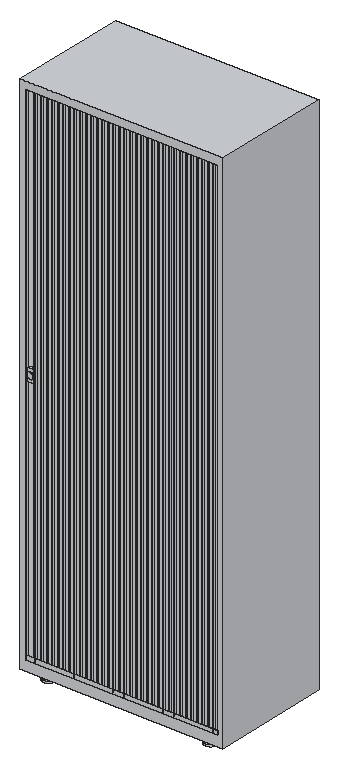
Revit family
Parameters (values of type "08T64")
  Width = 800 mm
  Manufacturer = ""
  Height = 2111 mm
  Colour [instance] = ""
  Carbon Footprint = 0
  BLF Tambour Section = Height - 95 mm  # 2016 mm
Types (13, lengths in mm): name | Height | BLF Tambour Section
  (no name) | 2111 | 2016
  08T20 | 705 | 610
  08T24 | 857 | 762
  08T30 | 1010 | 915
  08T32 | 1085 | 990
  08T34 | 1160 | 1065
  08T36 | 1237 | 1142
  08T40 | 1315 | 1220
  08T43 | 1430 | 1335
  08T50 | 1655 | 1560
  08T54 | 1807 | 1712
  08T60 | 1960 | 1865
  08T64 | 2111 | 2016
Reference planes
  plane 1 "Center (Front/Back)": y = 0
  plane 2: z = 0
  plane 3: y = 235
  plane 4: y = -235
  plane 5: x = -400
  plane 6: x = 400
  plane 7: z = 2111
  plane 8: z = 4
  plane 9: z = 25
  plane 10: z = 65
  plane 11: z = 2081
  plane 12: x = -380
  plane 13: x = 380
  plane 14: x = -320
  plane 15: x = 320
  plane 16: y = -195
  plane 17: y = 195
  plane 18: y = 233
  plane 19: y = -215
  plane 20: z = 80
  plane 21: y = -233
  plane 22: z = 1073
  plane 23: y = -230.916
  plane 24: x = -379
  plane 25: y = -231.961
  plane 26: x = -344
  plane 27: x = 382
Forms (mm)
  Extrusion 1, solid
    sketch origin (0, 0, 0) x (1, 0, 0) y (0, 0, 1)
      loop
        line (-400, 2111) -> (-400, 25) -> (400, 25) -> (400, 2111) -> (-400, 2111)
      loop
        line (-380, 2081) -> (-380, 65) -> (380, 65) -> (380, 2081) -> (-380, 2081)
    from -235 to 235
  Extrusion 2, solid
    sketch origin (0, 0, 0) x (1, 0, 0) y (0, 0, 1)
      loop
        line (-380, 2081) -> (-380, 65) -> (380, 65) -> (380, 2081) -> (-380, 2081)
    from -235 to -233
  Extrusion 3, solid
    sketch origin (0, 0, 0) x (1, 0, 0) y (0, 1, 0)
      loop
        circle (-320, 195) r 25
      loop
        circle (320, 195) r 25
      loop
        circle (320, -195) r 25
      loop
        circle (-320, -195) r 25
    from 0 to 4
  Extrusion 4, solid
    sketch origin (0, 0, 0) x (1, 0, 0) y (0, 1, 0)
      loop
        circle (-320, 195) r 5
      loop
        circle (320, 195) r 5
      loop
        circle (320, -195) r 5
      loop
        circle (-320, -195) r 5
    from 4 to 25
  Extrusion 5, solid
    sketch origin (0, 0, 0) x (1, 0, 0) y (0, 0, 1)
      loop
        line (-380, 65) -> (380, 65) -> (380, 80) -> (-380, 80) -> (-380, 65)
    from 233 to 235
  Extrusion 6, solid
    sketch origin (0, 0, 0) x (1, 0, 0) y (0, 1, 0)
      loop
        line (-379, -233) -> (-376.368, -233) -> (-376.368, -225)
        spline (-376.368, -225) -> (-375.884, -223.016) -> (-374.466, -221.167) -> (-372.21, -219.579) -> (-369.27, -218.36) -> (-365.846, -217.594) -> (-362.172, -217.333) -> (-358.498, -217.594) -> (-355.074, -218.36) -> (-352.134, -219.579) -> (-349.878, -221.167) -> (-348.46, -223.016) -> (-347.976, -225)
        line (-347.976, -225) -> (-347.976, -233) -> (-344, -233) -> (-344, -215) -> (-379, -215) -> (-379, -233)
    from 65 to 2081
  Extrusion 7, solid
    sketch origin (0, 0, 0) x (1, 0, 0) y (0, 0, 1)
      loop
        line (-376.368, 1048.08) -> (-347.976, 1048.08) -> (-347.976, 1073) -> (-376.368, 1073) -> (-376.368, 1048.08)
    from 215 to 230.916
  Extrusion 8, solid
    sketch origin (0, 0, 0) x (1, 0, 0) y (0, 0, 1)
      loop
        circle (-362.172, 1073) r 12
    from 230.916 to 231.961
  Extrusion 9, solid
    sketch origin (0, 0, 24.92) x (1, 0, 0) y (0, 0, 1)
      loop
        line (-376.368, 1048.08) -> (-347.976, 1048.08) -> (-347.976, 1073) -> (-376.368, 1073) -> (-376.368, 1048.08)
    from 215 to 230.916
Dimensions and locks
  plane 3 to plane 1 "Center (Front/Back)" to plane 4 = 235 mm locked, 235 mm locked
  plane 5 to plane 6 = 800 mm
  "Width": plane 5 to plane 6
  locked: plane 8 to plane 2 at 4
  locked: plane 9 to plane 8 at 21
  plane 10 to plane 9 = 40 mm
  locked: plane 7 to plane 11 at 30
  "Height": plane 7 to plane 2
  locked: plane 12 to plane 5 at 20
  locked: plane 6 to plane 13 at 20
  locked: plane 3 to plane 17 at 40
  locked: plane 16 to plane 4 at 40
  locked: plane 15 to plane 13 at 60
  locked: plane 12 to plane 14 at 60
  locked: plane 3 to plane 18 at 2
  locked: plane 19 to plane 4 at 20
  plane 6 to plane 5 = 800 mm
  equal spacing: plane 11, plane 22, plane 10
  plane 24 to plane 12 = 1 mm
  locked: plane 24 to plane 26 at 35
  group 1 to group 2 = 702 mm
  group 1 to group 2 = 0 mm  (x2)
  equal spacing: group 3, group 5, group 6, group 7, group 8, group 9, group 10, group 11, group 12, group 13, group 14, group 15, group 16, group 17, group 18, group 19, group 20, group 21, group 22, group 23, group 24, group 25, group 26, group 27, group 28, group 29, group 30, group 31, group 32, group 33, group 34, group 35, group 4  (x3)
  radius of Extrusion 3 sketch curve = 25 mm
  aligned: level to plane 2
  aligned and locked: Extrusion 1 sketch curve to plane 7
  aligned and locked: plane 5 to Extrusion 1 sketch curve
  aligned and locked: plane 9 to Extrusion 1 sketch curve
  aligned and locked: Extrusion 1 sketch curve to plane 6
  aligned and locked: Extrusion 1 sketch curve to plane 11
  aligned and locked: plane 12 to Extrusion 1 sketch curve
  aligned and locked: plane 10 to Extrusion 1 sketch curve
  aligned and locked: Extrusion 1 sketch curve to plane 13
  aligned and locked: plane 3 to Extrusion 1
  aligned and locked: Extrusion 1 to plane 4
  aligned and locked: Extrusion 2 sketch curve to Extrusion 1  (x4)
  aligned and locked: Extrusion 2 to plane 18
  aligned and locked: plane 8 to Extrusion 3
  aligned and locked: plane 20 to Extrusion 5
  aligned and locked: plane 13 to Extrusion 5
  aligned and locked: Extrusion 5 to plane 12
  aligned and locked: Extrusion 5 to plane 10
  aligned and locked: Extrusion 5 to plane 4
  aligned and locked: Extrusion 5 to plane 21
  aligned and locked: Extrusion 6 to Extrusion 5  (x2)
  aligned and locked: plane 19 to Extrusion 6
  aligned and locked: Extrusion 6 to plane 24
  aligned and locked: plane 11 to Extrusion 6
  aligned and locked: Extrusion 6 to plane 10
  aligned and locked: Extrusion 7 to plane 23
  aligned and locked: plane 19 to Extrusion 7
  aligned and locked: Extrusion 8 to plane 25
  aligned and locked: plane 23 to Extrusion 8
  aligned and locked: plane 22 to Extrusion 7
  aligned and locked: plane 19 to nested 1
  aligned and locked: plane 11 to nested 1
  aligned and locked: plane 10 to nested 1
Automatic sketch dimensions
  Extrusion 3 sketch curve to plane 14 = 0 mm  (x2)
  Extrusion 3 sketch curve to plane 15 = 0 mm  (x2)
  Extrusion 3 sketch curve to plane 16 = 0 mm  (x2)
  Extrusion 3 sketch curve to plane 17 = 0 mm  (x2)
  Extrusion 4 sketch curve to plane 14 = 0 mm  (x2)
  Extrusion 4 sketch curve to plane 15 = 0 mm  (x2)
  Extrusion 4 sketch curve to plane 16 = 0 mm  (x2)
  Extrusion 4 sketch curve to plane 17 = 0 mm  (x2)
  Extrusion 5 sketch curve to plane 10 = 0 mm
  Extrusion 5 sketch curve to plane 12 = 0 mm
  Extrusion 5 sketch curve to plane 13 = 0 mm
  Extrusion 5 sketch curve to plane 20 = 0 mm
  plane 21 to Extrusion 6 sketch curve = 0 mm  (x2)
  Extrusion 6 sketch curve to plane 24 = 0 mm
  Extrusion 6 sketch curve to plane 26 = 0 mm
  Extrusion 6 sketch curve to plane 19 = 0 mm
  plane 24 to Extrusion 6 sketch curve = 2.632 mm
  plane 23 to Extrusion 6 sketch curve = 5.916 mm
  Extrusion 7 sketch curve to plane 22 = 0 mm
  plane 24 to Extrusion 7 sketch curve = 2.632 mm
  Extrusion 7 sketch curve to plane 26 = 3.976 mm
  Extrusion 7 sketch curve to Extrusion 7 sketch curve = 24.92 mm
  Extrusion 8 sketch curve to plane 22 = 0 mm
  Extrusion 9 sketch curve to plane 22 = 0 mm
  plane 24 to Extrusion 9 sketch curve = 2.632 mm
  Extrusion 9 sketch curve to plane 26 = 3.976 mm
  plane 22 to Extrusion 9 sketch curve = 24.92 mm
  Extrusion 6 sketch curve to Extrusion 6 sketch curve = 14.196 mm
  plane 24 to Extrusion 8 sketch curve = 16.828 mm
  radius of Extrusion 3 sketch curve = 25 mm  (x3)
  radius of Extrusion 4 sketch curve = 5 mm  (x4)
  radius of Extrusion 8 sketch curve = 12 mm
Nested families
  nested 1: "BLF Tambour Section" at (-344, -215, 65), type "BLF Tambour Section"
    with Tambour Section Height 2016 mm
  nested 2: "BLF Tambour Section" at (358.084, -215, 65), type "BLF Tambour Section"
    with Tambour Section Height 2016 mm
  nested 3: "BLF Tambour Section" at (-322.06, -215, 65), type "BLF Tambour Section"
    with Tambour Section Height 2016 mm
  nested 4: "BLF Tambour Section" at (-300.12, -215, 65), type "BLF Tambour Section"
    with Tambour Section Height 2016 mm
  nested 5: "BLF Tambour Section" at (-278.18, -215, 65), type "BLF Tambour Section"
    with Tambour Section Height 2016 mm
  nested 6: "BLF Tambour Section" at (-256.24, -215, 65), type "BLF Tambour Section"
    with Tambour Section Height 2016 mm
  nested 7: "BLF Tambour Section" at (-234.299, -215, 65), type "BLF Tambour Section"
    with Tambour Section Height 2016 mm
  nested 8: "BLF Tambour Section" at (-212.359, -215, 65), type "BLF Tambour Section"
    with Tambour Section Height 2016 mm
  nested 9: "BLF Tambour Section" at (-190.419, -215, 65), type "BLF Tambour Section"
    with Tambour Section Height 2016 mm
  nested 10: "BLF Tambour Section" at (-168.479, -215, 65), type "BLF Tambour Section"
    with Tambour Section Height 2016 mm
  nested 11: "BLF Tambour Section" at (-146.539, -215, 65), type "BLF Tambour Section"
    with Tambour Section Height 2016 mm
  nested 12: "BLF Tambour Section" at (-124.599, -215, 65), type "BLF Tambour Section"
    with Tambour Section Height 2016 mm
  nested 13: "BLF Tambour Section" at (-102.659, -215, 65), type "BLF Tambour Section"
    with Tambour Section Height 2016 mm
  nested 14: "BLF Tambour Section" at (-80.719, -215, 65), type "BLF Tambour Section"
    with Tambour Section Height 2016 mm
  nested 15: "BLF Tambour Section" at (-58.778, -215, 65), type "BLF Tambour Section"
    with Tambour Section Height 2016 mm
  nested 16: "BLF Tambour Section" at (-36.838, -215, 65), type "BLF Tambour Section"
    with Tambour Section Height 2016 mm
  nested 17: "BLF Tambour Section" at (-14.898, -215, 65), type "BLF Tambour Section"
    with Tambour Section Height 2016 mm
  nested 18: "BLF Tambour Section" at (7.042, -215, 65), type "BLF Tambour Section"
    with Tambour Section Height 2016 mm
  nested 19: "BLF Tambour Section" at (28.982, -215, 65), type "BLF Tambour Section"
    with Tambour Section Height 2016 mm
  nested 20: "BLF Tambour Section" at (50.922, -215, 65), type "BLF Tambour Section"
    with Tambour Section Height 2016 mm
  nested 21: "BLF Tambour Section" at (72.862, -215, 65), type "BLF Tambour Section"
    with Tambour Section Height 2016 mm
  nested 22: "BLF Tambour Section" at (94.802, -215, 65), type "BLF Tambour Section"
    with Tambour Section Height 2016 mm
  nested 23: "BLF Tambour Section" at (116.742, -215, 65), type "BLF Tambour Section"
    with Tambour Section Height 2016 mm
  nested 24: "BLF Tambour Section" at (138.683, -215, 65), type "BLF Tambour Section"
    with Tambour Section Height 2016 mm
  nested 25: "BLF Tambour Section" at (160.623, -215, 65), type "BLF Tambour Section"
    with Tambour Section Height 2016 mm
  nested 26: "BLF Tambour Section" at (182.563, -215, 65), type "BLF Tambour Section"
    with Tambour Section Height 2016 mm
  nested 27: "BLF Tambour Section" at (204.503, -215, 65), type "BLF Tambour Section"
    with Tambour Section Height 2016 mm
  nested 28: "BLF Tambour Section" at (226.443, -215, 65), type "BLF Tambour Section"
    with Tambour Section Height 2016 mm
  nested 29: "BLF Tambour Section" at (248.383, -215, 65), type "BLF Tambour Section"
    with Tambour Section Height 2016 mm
  nested 30: "BLF Tambour Section" at (270.323, -215, 65), type "BLF Tambour Section"
    with Tambour Section Height 2016 mm
  nested 31: "BLF Tambour Section" at (292.263, -215, 65), type "BLF Tambour Section"
    with Tambour Section Height 2016 mm
  nested 32: "BLF Tambour Section" at (314.203, -215, 65), type "BLF Tambour Section"
    with Tambour Section Height 2016 mm
  nested 33: "BLF Tambour Section" at (336.144, -215, 65), type "BLF Tambour Section"
    with Tambour Section Height 2016 mm
Definition of nested family "BLF Tambour Section"
  Parameters (values of type "BLF Tambour Section")
    Tambour Section Width = 21.916 mm
    Tambour Section Height = 610 mm
    Tambour Section Depth = 16.959 mm
    Assembly Code = ""
  Reference planes
    plane 1 "Center (Front/Back)": y = 0
    plane 2: z = 0
    plane 3 "Center (Left/Right)": x = 0
  Forms (mm)
    Extrusion 1, solid
      sketch origin (0, 0, 0) x (1, 0, 0) y (0, 1, 0)
        loop
          line (0, 0) -> (0, -16) -> (10.958, -16.959) -> (21.916, -16) -> (21.916, 0) -> (0, 0)
      from 0 to 610
  Dimensions and locks
    "Tambour Section Width": Extrusion 1 sketch curve to Extrusion 1 sketch curve
    "Tambour Section Depth": Extrusion 1 sketch curve to Extrusion 1 sketch curve
    "Tambour Section Height": Extrusion 1 to plane 2
    aligned and locked: level to plane 2
    aligned and locked: Extrusion 1 sketch curve to plane 3 "Center (Left/Right)"
    aligned and locked: Extrusion 1 sketch curve to plane 1 "Center (Front/Back)"
  Automatic sketch dimensions
    plane 3 "Center (Left/Right)" to Extrusion 1 sketch curve = 10.958 mm
    Extrusion 1 sketch curve to Extrusion 1 sketch curve = 0.959 mm  (x2)
